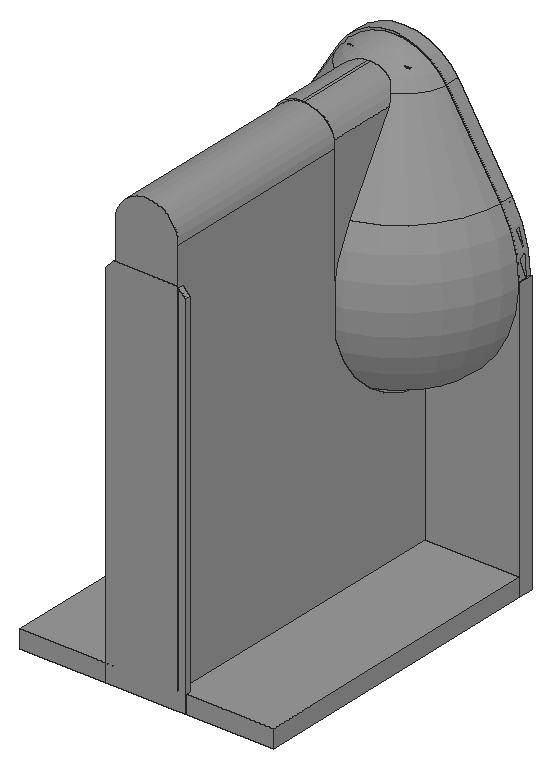
Revit family "Toilet-Willoughby-ASETWS-1490-FM-TS-HC", category Plumbing Fixtures, Revit 2015
Parameters (values of type "Standard")
  Waste DIA = 2 3/8"
  Waste Connection = yes
  W-RAD [instance] = Waste DIA / 2  # 0' - 1 3/16"
  Vent Connection = no
  URL = "https://www.willoughby-ind.com/wp-content/uploads/2018/01/ASETWS-1490-FM.pdf"
  Type Comments = ""
  Revision = "A"
  Model = "ASETWS-1490-FM-TS-HC"
  Manufacturer = "Willoughby Industries"
  HW Connection = no
  Flush inlet DIA = 1 1/2"
  Flush Inlet Connection = yes
  Fixture Body = Stainless Steel AISI 304-Willoughby
  F-RAD [instance] = Flush inlet DIA / 2  # 0' - 0 3/4"
  Description = "Ligature resistant, Wall Outlet, Floor Mounted, siphon jet Toilet, Top Spud, Handicap Seat Height"
  Default Elevation = 0' - 0"
  Contact Number = "(800) 428-4065"
  CW Connection = no
Reference planes (in)
  plane 1 "Base": y = -16.25
  plane 2: z = 0
  plane 3 "Center": x = 18.31072
  plane 4 "ref": y = -4.75
  plane 5: y = -1.25
  plane 6: z = -6.75
  plane 7: y = -2.125
  plane 8: y = -14.0625
  plane 9: x = 16.56072
  plane 10: x = 20.06072
  plane 11: x = 11.56072
  plane 12: x = 25.06072
  plane 13: z = -3
  plane 14: z = 25
  plane 15 "Waste HGT": y = -10.75
  plane 16: y = -3.125
  plane 17: y = -19.25
Forms (in)
  Extrusion 1, solid, material "Stainless Steel AISI 304-Willoughby" <- "Fixture Body"
    sketch origin (16.08109, 7.47968, -7.1422) x (-1, 0, 0) y (0, 0, -1)
      loop
        line (4.79775, -22.86304) -> (4.83287, -22.86304) -> (4.83287, -7.1422) -> (-2.22963, -7.1422) -> (-9.29213, -7.1422) -> (-9.29213, -22.86304) -> (-9.20225, -22.86304)
        arc (-9.20225, -22.86304) -> (-8.94967, -24.72647) -> (-8.21015, -26.45542) r 7
        line (-8.21015, -26.45542) -> (-5.16818, -31.31054)
        arc (-5.16818, -31.31054) -> (-2.20225, -32.95225) -> (0.76368, -31.31054) r 3.5
        line (0.76368, -31.31054) -> (3.80565, -26.45542)
        arc (3.80565, -26.45542) -> (4.54517, -24.72647) -> (4.79775, -22.86304) r 7
      loop
        arc (2.03989, -24.70557) -> (-2.20225, -18.23804) -> (-6.44438, -24.70557) r 4.625
        line (-6.44438, -24.70557) -> (-4.04125, -30.23842)
        arc (-4.04125, -30.23842) -> (-2.20225, -31.45225) -> (-0.36324, -30.23842) r 2
        line (-0.36324, -30.23842) -> (2.03989, -24.70557)
    from 8.72968 to 9.5
  Revolve 2, solid, material "Stainless Steel AISI 304-Willoughby" <- "Fixture Body"
    sketch origin (19.37246, -1.52032, -3.93826) x (-1, 0, 0) y (0, 0, -1)
      loop
        line (1.06174, -12.59906) -> (1.06174, -12.84906)
        arc (1.06174, -12.84906) -> (6.96784, -16.33096) -> (6.78077, -23.18447) r 6.75
        line (6.78077, -23.18447) -> (3.81535, -27.91457)
        arc (3.81535, -27.91457) -> (2.63527, -29.03194) -> (1.06174, -29.43826) r 3.25
        line (1.06174, -29.43826) -> (1.06174, -29.68826)
        arc (1.06174, -29.68826) -> (2.75672, -29.25045) -> (4.02767, -28.04656) r 3.5
        line (4.02767, -28.04656) -> (7.06964, -23.19143)
        arc (7.06964, -23.19143) -> (7.15052, -16.14555) -> (1.06174, -12.59906) r 7
      axis (1.06174, -12.59906) -> (1.06174, -29.68826)
    angle from 0 to -180
  Extrusion 3, solid, material "Stainless Steel AISI 304-Willoughby" <- "Fixture Body"
    sketch origin (19.53334, -3.02032, -4.9508) x (0, 1, 0) y (0, 0, 1)
      loop
        line (-5.27082, 4.9508) -> (1, 4.9508) -> (1, 13.76086)
        arc (1, 13.76086) -> (-2.93256, 15.26109) -> (-5.27082, 18.76086) r 6.92744
        line (-5.27082, 18.76086) -> (-5.27082, 4.9508)
    from 0.52738 to -2.97262
  Extrusion 4, solid, material "Stainless Steel AISI 304-Willoughby" <- "Fixture Body"
    sketch origin (0, 8.59309, -3) x (1, 0, 0) y (0, 1, 0)
      loop
        circle (18.31072, -19.34309) r 1.1875
    from 5.5 to 0
  Extrusion 5, solid, material "Stainless Steel AISI 304-Willoughby" <- "Fixture Body"
    sketch origin (0, -16.25, 0) x (1, 0, 0) y (0, 0, 1)
      loop
        line (25.37322, 0) -> (25.37322, 1) -> (11.24822, 1) -> (11.24822, 0) -> (25.37322, 0)
    from -14.22968 to 3
  Extrusion 6, solid, material "Stainless Steel AISI 304-Willoughby" <- "Fixture Body"
    sketch origin (0, -16.25, 0) x (1, 0, 0) y (0, 0, 1)
      loop
        line (20.06072, 0) -> (20.06072, 23.28412)
        arc (20.06072, 23.28412) -> (18.31072, 25.03412) -> (16.56072, 23.28412) r 1.75
        line (16.56072, 23.28412) -> (16.56072, 0) -> (20.06072, 0)
    from 3 to -7.95886
  Extrusion 7, solid, material "Stainless Steel AISI 304-Willoughby" <- "Fixture Body"
    sketch origin (-0.06578, -16.25, 7) x (1, 0, 0) y (0, 0, 1)
      loop
        line (20.06072, -7) -> (20.56072, -7) -> (20.56072, 13.75) -> (20.06072, 14.25) -> (16.56072, 14.25) -> (16.06072, 13.75) -> (16.06072, -7) -> (16.56072, -7) -> (20.06072, -7)
    from 3 to 2.73663
  Extrusion 8, solid, material "Stainless Steel AISI 304-Willoughby" <- "Fixture Body"
    sketch origin (18.31072, 0, 0) x (0, 1, 0) y (0, 0, 1)
      loop
        line (-3.0438, 25.03193) -> (-8.29114, 25.03193) -> (-8.29114, 16.73622)
        arc (-8.29114, 16.73622) -> (-8.25839, 17.11069) -> (-8.16113, 17.47379) r 2.15729
        arc (-8.16113, 17.47379) -> (-7.78826, 18.37428) -> (-7.33828, 19.23882) r 11.16687
        arc (-7.33828, 19.23882) -> (-5.85557, 21.70663) -> (-4.28753, 24.12112) r 82.3759
        arc (-4.28753, 24.12112) -> (-3.71235, 24.64027) -> (-3.0438, 25.03193) r 3.79911
    from 1.75 to -1.75
  Extrusion 9, void
    sketch origin (0, -16.25, 0) x (1, 0, 0) y (0, 0, 1)
      loop
        arc (16.43207, 23.28193) -> (16.94463, 24.51936) -> (18.18207, 25.03193) r 1.75
        line (18.18207, 25.03193) -> (16.43207, 25.03193) -> (16.43207, 23.28193)
    from -7.95886 to -13.18331
  Extrusion 10, void
    sketch origin (0, -16.25, 0) x (1, 0, 0) y (0, 0, 1)
      loop
        arc (18.34313, 25.03193) -> (19.49966, 24.59853) -> (20.12234, 23.53193) r 1.84176
        line (20.12234, 23.53193) -> (20.12234, 25.03193) -> (18.34313, 25.03193)
    from -7.95886 to -13.18919
  Revolve 11, solid
    sketch origin (18.31072, 0, 0) x (0, 1, 0) y (0, 0, 1)
      loop
        line (-1.25, 2.75) -> (-0.5, 2.75) -> (-0.5, 3.5) -> (-1.25, 3.5) -> (-1.25, 2.75)
      axis (-1.25, 2.75) -> (-0.5, 2.75)
    angle from 0 to 360
Cuts and joins
  joined: Extrusion 3, Extrusion 5, Extrusion 6
  Extrusion 9, Extrusion 10 cuts Extrusion 8
Lines and regions (in)
  symbolic lines
    curve 1: line (13.81072, -16.25, 0) -> (13.81072, -1.25, 0)
    curve 2: line (22.81072, -16.25, 0) -> (22.81072, -1.25, 0)
    curve 3: line (13.81072, -19.25, 0) -> (22.81072, -19.25, 0)
    curve 4: line (11.28334, -2.02032, 0) -> (11.28334, -1.25, 0)
    curve 5: line (11.28334, -1.25, 0) -> (25.28334, -1.25, 0)
    curve 6: line (25.28334, -1.25, 0) -> (25.28334, -2.02032, 0)
    curve 7: arc (25.28334, -2.02032, 0) -> (23.08185, -6.64916, 0) -> (18.31072, -8.52239, 0) r 6.97293
    curve 8: arc (18.31072, -8.52239, 0) -> (13.52793, -6.64299, 0) -> (11.28334, -2.02032, 0) r 7.06571
    curve 9: line (16.56072, -8.2982, 0) -> (16.56072, -19.25, 0)
    curve 10: line (20.06072, -19.25, 0) -> (20.06072, -8.30327, 0)
    curve 15: line (13.81072, -16.25, 0) -> (22.81072, -16.25, 0)
    curve 16: line (22.81072, -16.25, 0) -> (22.81072, -16.25, 1)
    curve 17: line (22.81072, -16.25, 1) -> (21.81072, -16.25, 1)
    curve 18: line (21.81072, -16.25, 0) -> (21.81072, -16.25, 9.67456)
    curve 19: line (14.78334, -16.25, 0) -> (14.78334, -16.25, 9.65867)
    curve 20: line (14.78334, -16.25, 1) -> (13.81072, -16.25, 1)
    curve 21: line (13.81072, -16.25, 1) -> (13.81072, -16.25, 0)
    curve 22: line (21.81072, -16.25, 5) -> (14.78334, -16.25, 5)
    curve 23: arc (21.81072, -16.25, 9.67456) -> (25.06245, -16.25, 13.97624) -> (24.29124, -16.25, 19.31322) r 7
    curve 24: line (24.29124, -16.25, 19.31322) -> (21.24927, -16.25, 24.16835)
    curve 25: arc (21.24927, -16.25, 24.16835) -> (19.98923, -16.25, 25.34792) -> (18.31072, -16.25, 25.75) r 3.37397
    curve 26: arc (18.31072, -16.25, 25.75) -> (16.62783, -16.25, 25.31163) -> (15.31741, -16.25, 24.16835) r 3.79331
    curve 27: line (15.31741, -16.25, 24.16835) -> (12.35249, -16.25, 19.43905)
    curve 28: arc (12.35249, -16.25, 19.43905) -> (11.49002, -16.25, 14.03241) -> (14.78334, -16.25, 9.65867) r 7
    curve 34: line (18.31072, -8.45513, 16.43593) -> (18.31072, -18.98663, 16.43593)
    curve 35: line (18.31072, -19.25, 16.5) -> (18.31072, -19.25, 0)
    curve 36: line (18.31072, -16.25, 0) -> (18.31072, 1.75, 0)
    curve 37: line (18.31072, -1.25, 5) -> (18.31072, -1.25, 25.81005)
    curve 38: line (18.31072, -1.25, 25.81005) -> (18.31072, -2.02032, 25.81005)
    curve 39: arc (18.31072, -2.02032, 25.81005) -> (18.31072, -3.17426, 25.3587) -> (18.31072, -4.14211, 24.58504) r 4.1253
    curve 40: line (18.31072, -4.14211, 24.58504) -> (18.31072, -7.52822, 19.25317)
    curve 41: arc (18.31072, -7.52822, 19.25317) -> (18.31072, -8.16721, 17.9023) -> (18.31072, -8.45513, 16.43593) r 6.04234
    curve 42: arc (18.31072, -8.45513, 16.43593) -> (18.31072, -8.2983, 15.12766) -> (18.31072, -8.29114, 13.81005) r 11.57712
    curve 43: arc (18.31072, -8.29114, 13.81005) -> (18.31072, -5.95289, 10.31029) -> (18.31072, -2.02032, 8.81005) r 6.92744
    curve 44: line (18.31072, -1.25, 9.65867) -> (18.31072, -2.02032, 9.65867)
    curve 45: line (18.31072, -2.02032, 9.65867) -> (18.31072, -2.02032, 1)
    curve 46: line (18.31072, -2.02032, 1) -> (18.31072, -19.25, 1)
  symbolic lines, detail levels medium+fine
    curve 11: line (20.06072, -19, 0) -> (20.56072, -19, 0)
    curve 12: line (20.56072, -19, 0) -> (20.56072, -19.25, 0)
    curve 13: line (16.49494, -18.98663, 0) -> (16.06072, -18.98663, 0)
    curve 14: line (16.06072, -18.98663, 0) -> (16.06072, -19.25, 0)
  symbolic lines, detail levels fine
    curve 29: arc (14.0412, -16.25, 17.56337) -> (18.28334, -16.25, 11.09585) -> (22.52547, -16.25, 17.56337) r 4.625
    curve 30: line (22.52547, -16.25, 17.56337) -> (20.12234, -16.25, 23.09622)
    curve 31: arc (20.12234, -16.25, 23.09622) -> (19.38317, -16.25, 23.97635) -> (18.28334, -16.25, 24.31005) r 2.01767
    curve 32: arc (18.28334, -16.25, 24.31005) -> (17.17969, -16.25, 23.98213) -> (16.44433, -16.25, 23.09622) r 1.9827
    curve 33: line (16.44433, -16.25, 23.09622) -> (14.0412, -16.25, 17.56337)
Dimensions and locks (in)
  locked: plane 1 "Base" to plane 5 at 15
  plane 14 to level = 2' - 1"
  plane 5 to plane 1 "Base" = 1' - 3"
  "W-RAD": radius of Extrusion 4 sketch curve
  aligned and locked: plane 3 "Center" to Extrusion 4 sketch curve
  aligned and locked: Extrusion 6 to plane 17
Automatic sketch dimensions
  curve 23 to curve 28 = 0' - 0"  (x2)
  curve 23 to curve 29 = 0' - 0"  (x2)
  curve 28 to curve 29 = 0' - 0"  (x2)
  curve 21 to level = 0' - 0"
  curve 25 to plane 3 "Center" = 0' - 0"
  curve 26 to plane 3 "Center" = 0' - 0"
  curve 29 to plane 3 "Center" = 0' - 0.02738"
  curve 32 to plane 3 "Center" = 0' - 0.03882"
  curve 31 to curve 32 = 0' - 0.0002"
  curve 33 to plane 9 = 0' - 0.11639"
  curve 27 to plane 9 = 0' - 1.24331"
  curve 19 to plane 9 = 0' - 1.77738"
  plane 11 to curve 33 = 0' - 2 123/256"
  curve 15 to curve 19 = 0' - 0.97262"
  plane 11 to curve 27 = 0' - 0.79177"
  plane 3 "Center" to curve 25 = 0' - 0.07942"
  plane 3 "Center" to curve 26 = 0' - 0.08929"
  plane 10 to curve 30 = 0' - 0.06162"
  curve 24 to plane 14 = 0' - 0.83165"
  plane 10 to curve 24 = 0' - 1.18855"
  plane 10 to curve 18 = 0' - 1 3/4"
  plane 10 to curve 30 = 0' - 2.46475"
  curve 17 to curve 16 = 0' - 1"
  curve 24 to plane 12 = 0' - 0.76948"
  curve 15 to curve 16 = 0' - 1"
  curve 15 to curve 21 = 0' - 1"
  curve 20 to curve 19 = 0' - 8.65867"
  curve 19 to curve 18 = 0' - 0.01589"
  curve 19 to curve 28 = 0' - 6.06218"
  curve 33 to curve 27 = 0' - 1.87568"
  curve 26 to plane 14 = 0' - 3.04226"
  curve 31 to curve 25 = 0' - 0.08455"
  curve 31 to curve 32 = 0' - 0.03496"
  curve 33 to curve 26 = 0' - 1.07212"
  curve 30 to curve 24 = 0' - 1.07212"
  curve 17 to curve 22 = 0' - 4"
  Revolve 2 sketch curve to Revolve 2 sketch curve = 0' - 0"  (x2)
  Revolve 2 sketch curve to plane 3 "Center" = 0' - 0"  (x3)
  plane 3 "Center" to Revolve 2 sketch curve = 0' - 0"
  Revolve 2 sketch curve to plane 9 = 0' - 1.00361"
  Revolve 2 sketch curve to plane 14 = 0' - 0.8917"
  Revolve 2 sketch curve to Revolve 2 sketch curve = 0' - 0.21232"
  plane 11 to Revolve 2 sketch curve = 0' - 1.03097"
  Revolve 2 sketch curve to Revolve 2 sketch curve = 0' - 0.28887"
  plane 14 to Revolve 2 sketch curve = 0' - 0 1/2"
  Revolve 2 sketch curve to Revolve 2 sketch curve = 0' - 0 1/4"
  Revolve 2 sketch curve to Revolve 2 sketch curve = 0' - 0.13199"
  Revolve 2 sketch curve to Revolve 2 sketch curve = 0' - 4.85513"
  Revolve 2 sketch curve to Revolve 2 sketch curve = 0' - 0.00696"
  Revolve 2 sketch curve to Revolve 2 sketch curve = 0' - 6.5892"
  Revolve 2 sketch curve to Revolve 2 sketch curve = 0' - 3 1/4"
  Revolve 2 sketch curve to Revolve 2 sketch curve = 0' - 2.4108"
  Extrusion 3 sketch curve to level = 0' - 0"
  plane 4 "ref" to Extrusion 3 sketch curve = 0' - 3.54114"
  plane 7 to Extrusion 3 sketch curve = 0' - 0.10468"
  plane 5 to Extrusion 3 sketch curve = 0' - 0.38413"
  Extrusion 3 sketch curve to Extrusion 3 sketch curve = 0' - 8.81005"
  Extrusion 3 sketch curve to Extrusion 3 sketch curve = 0' - 5"
  Extrusion 6 sketch curve to level = 0' - 0"
  Extrusion 6 sketch curve to plane 9 = 0' - 0"
  Extrusion 6 sketch curve to plane 3 "Center" = 0' - 0"
  Extrusion 6 sketch curve to plane 14 = 0' - 1.71588"
  Extrusion 7 sketch curve to level = 0' - 0"
  Extrusion 7 sketch curve to plane 9 = 0' - 0.56578"
  Extrusion 7 sketch curve to plane 9 = 0' - 0.06578"  (x2)
  Extrusion 7 sketch curve to plane 10 = 0' - 0.06578"  (x2)
  plane 10 to Extrusion 7 sketch curve = 0' - 0.43422"
  Extrusion 7 sketch curve to plane 14 = 0' - 4 1/4"  (x2)
  Extrusion 7 sketch curve to Extrusion 7 sketch curve = 0' - 0 1/2"
  plane 14 to Extrusion 8 sketch curve = 0' - 0.03193"
  plane 4 "ref" to Extrusion 8 sketch curve = 0' - 3.54114"
  plane 4 "ref" to Extrusion 8 sketch curve = 0' - 1.38385"
  Extrusion 8 sketch curve to plane 7 = 0' - 0.9188"
  plane 5 to Extrusion 8 sketch curve = 0' - 0.21771"
  Extrusion 8 sketch curve to plane 6 = 1' - 3.19552"
  Extrusion 8 sketch curve to plane 14 = 0' - 11.34412"
  Extrusion 8 sketch curve to plane 14 = 0' - 8.26378"
  Extrusion 8 sketch curve to plane 14 = 0' - 3.42484"
  Extrusion 8 sketch curve to Extrusion 8 sketch curve = 0' - 0"  (x2)
  plane 14 to Extrusion 9 sketch curve = 0' - 0.03193"
  Extrusion 9 sketch curve to plane 9 = 0' - 0.12865"
  Extrusion 9 sketch curve to plane 3 "Center" = 0' - 0.12865"
  plane 3 "Center" to Extrusion 10 sketch curve = 0' - 0.0018"
  plane 14 to Extrusion 10 sketch curve = 0' - 0.03193"
  plane 10 to Extrusion 10 sketch curve = 0' - 0.06162"
  plane 3 "Center" to Extrusion 10 sketch curve = 0' - 0.03241"
  Extrusion 10 sketch curve to plane 14 = 0' - 1.46807"
  Extrusion 4 sketch curve to plane 15 "Waste HGT" = 0' - 0"
  Extrusion 8 sketch curve to plane 5 = 0' - 3.58279"
  Extrusion 8 sketch curve to plane 5 = 5' - 5.25343"
  curve 35 to plane 17 = 0' - 0"
  curve 36 to level = 0' - 0"
  curve 36 to plane 1 "Base" = 0' - 0"
  curve 37 to plane 5 = 0' - 0"
  curve 35 to level = 0' - 0"
  curve 42 to plane 17 = 0' - 0.6029"
  plane 15 "Waste HGT" to curve 34 = 0' - 2.29487"
  plane 4 "ref" to curve 40 = 0' - 2.77822"
  curve 40 to plane 4 "ref" = 0' - 0.60789"
  curve 41 to plane 7 = 0' - 0.30255"
  plane 7 to curve 45 = 0' - 0.10468"
  plane 7 to curve 38 = 0' - 0.10468"
  plane 5 to curve 43 = 0' - 0.38413"
  curve 39 to plane 5 = 0' - 0.13839"
  level to curve 45 = 0' - 1"
  curve 45 to curve 44 = 0' - 8.65867"
  curve 42 to plane 14 = 0' - 10.59394"
  curve 44 to curve 43 = 0' - 6.06805"
  curve 43 to curve 41 = 0' - 0.28717"
  curve 41 to curve 34 = 0' - 0.42205"
  curve 39 to plane 14 = 0' - 3.21392"
  curve 40 to plane 14 = 0' - 0.41496"
  plane 17 to curve 34 = 0' - 0.26337"
  plane 15 "Waste HGT" to curve 42 = 0' - 2.45886"
  curve 36 to plane 5 = 0' - 3"
  curve 37 to curve 43 = 0' - 3.81005"
  curve 34 to curve 35 = 0' - 0.06407"
  plane 5 to curve 4 = 0' - 0"
  curve 3 to plane 17 = 0' - 0"
  plane 1 "Base" to curve 1 = 0' - 0"
  curve 9 to plane 9 = 0' - 0"
  curve 7 to plane 3 "Center" = 0' - 0"
  curve 8 to plane 3 "Center" = 0' - 0"
  curve 11 to plane 10 = 0' - 0"
  plane 1 "Base" to curve 2 = 0' - 0"
  curve 13 to plane 9 = 0' - 0 1/2"
  curve 5 to plane 11 = 0' - 0.27738"
  plane 3 "Center" to curve 7 = 0' - 0 1/64"
  plane 3 "Center" to curve 8 = 0' - 0.01581"
  plane 10 to curve 12 = 0' - 0 1/2"
  curve 8 to curve 5 = 0' - 6.9568"
  curve 12 to curve 11 = 0' - 0 1/4"
  plane 17 to curve 14 = 0' - 0.26337"
  plane 7 to curve 4 = 0' - 0.10468"
  plane 7 to curve 6 = 0' - 0.10468"
  curve 13 to plane 9 = 0' - 0.06578"
  plane 11 to curve 1 = 0' - 2 1/4"
  curve 3 to curve 14 = 0' - 2 1/4"
  curve 2 to plane 12 = 0' - 2 1/4"
  curve 3 to plane 12 = 0' - 2 1/4"
  Revolve 11 sketch curve to plane 5 = 0' - 0"  (x2)
  Revolve 11 sketch curve to Revolve 11 sketch curve = 0' - 0 3/4"  (x3)
  level to Revolve 11 sketch curve = 0' - 2 3/4"
  Revolve 11 sketch curve to Revolve 11 sketch curve = 0' - 0"
  Extrusion 1 sketch curve to Extrusion 1 sketch curve = 0' - 0"  (x6)
  Extrusion 1 sketch curve to level = 0' - 0"
  Extrusion 1 sketch curve to plane 3 "Center" = 0' - 0"
  plane 10 to Extrusion 1 sketch curve = 0' - 0.06162"
  plane 10 to Extrusion 1 sketch curve = 0' - 1.18855"
  plane 10 to Extrusion 1 sketch curve = 0' - 2.46475"
  Extrusion 1 sketch curve to plane 12 = 0' - 0.76948"
  plane 12 to Extrusion 1 sketch curve = 0' - 0.22262"
  plane 12 to Extrusion 1 sketch curve = 0' - 0 5/16"
  Extrusion 1 sketch curve to plane 3 "Center" = 0' - 0.02738"  (x2)
  Extrusion 1 sketch curve to plane 9 = 0' - 0.11639"
  Extrusion 1 sketch curve to plane 14 = 0' - 0.83165"
  Extrusion 1 sketch curve to plane 9 = 0' - 1.24331"
  plane 11 to Extrusion 1 sketch curve = 0' - 0.71472"
  Extrusion 1 sketch curve to plane 11 = 0' - 0 5/16"
  Extrusion 1 sketch curve to Extrusion 1 sketch curve = 0' - 1.07212"
  Extrusion 1 sketch curve to Extrusion 1 sketch curve = 0' - 0.78617"
  Extrusion 1 sketch curve to Extrusion 1 sketch curve = 0' - 3.783"
  Extrusion 1 sketch curve to Extrusion 1 sketch curve = 0' - 1.74985"
  Extrusion 1 sketch curve to Extrusion 1 sketch curve = 0' - 1.84253"
  Extrusion 1 sketch curve to Extrusion 1 sketch curve = 0' - 0.03512"
  Extrusion 5 sketch curve to level = 0' - 0"
  Extrusion 5 sketch curve to plane 11 = 0' - 0 5/16"
  plane 12 to Extrusion 5 sketch curve = 0' - 0 5/16"
  level to Extrusion 5 sketch curve = 0' - 1"
Connectors (in)
  piping at (18.31072, -10.75, -3), diameter 2.375, driven by "W-RAD", driven by "Waste Connection"
    settings: on Extrusion 4, index 1, connector inside diameter 2 1/2", connector length 0' - 0", flow factor 0, pipe flow 0 GPM, pressure drop 0.00 psi, fitting loss kfactor 0, connector angle 0.00°, fixture units 0, engagement length 0' - 0", angle of deflection 0.00°, flow configuration 0, flow direction 2, fitting loss method 0, system type 16, joint type 0, gender type 0, connector reference index -1, connector utility 1, adjustable connector yes, is connector primary yes, connector description "Toilet Waste"
